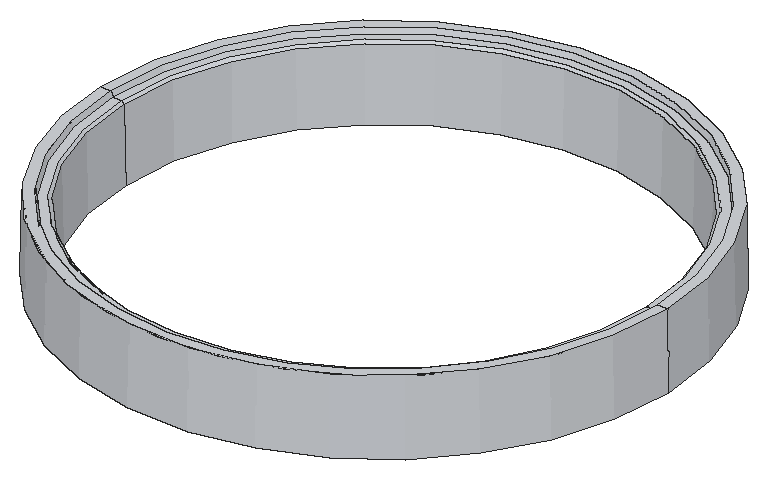
Revit family "Кольцо 2000х310 с замком КС 20.3", category Обобщенные модели, Revit 2023
Family settings
  Может служить основой для арматурных стержней = Нет
  Размер круглого соединителя = Использовать диаметр
  Тип детали = Нормальный
  На основе рабочей плоскости = Нет
  Всегда вертикально = Да
  При загрузке вырезать с полостями = Нет
  Сохранять ориентацию аннотаций = Нет
  Общий = Нет
  Точка принадлежности помещению = Нет
Parameters (values of type "Кольцо 2000х310 с замком КС 20.3")
  фаска = 10 mm
  толщ_на_h2_расч = (t1 - t2) / 2 * (h1 + h2) / ADSK_Размер_Высота + 10 mm  # 20.887 mm
  толщ_на_h1_расч = (t1 - t2) / 2 * h1 / ADSK_Размер_Высота + 10 mm  # 15.968 mm
  сужение_низ = 5 mm
  отступ_низ = 36 mm
  отступ_верх = 38.5 mm
  выступ = 20 mm
  вырез2 = no
  вырез1 = no
  Отметка по умолчанию = 0 mm
  t2 = 90 mm
  t1 = 100 mm
  h2 = 305 mm
  h1 = 370 mm
  d1 = 20 mm * tan(20.00°)  # 7.279 mm
  ADSK_Размер_Диаметр = 2020 mm
  ADSK_Размер_Высота = 310 mm
  ADSK_Масса = 460
Reference planes
  plane 1 "По центру (Вперед/Назад)": y = 0
  plane 2: z = 0
  plane 3 "По центру (Влево/Вправо)": x = 0
  plane 4: x = 1010
  plane 5: x = -1010
  plane 6: y = 1010
  plane 7: y = -1010
  plane 8: z = 290
  plane 9: z = 310
  plane 10: z = 20
  plane 11: x = -1105
  plane 12: x = 1105
  plane 13: y = 1105
  plane 14: y = -1105
  plane 15: y = 1100
  plane 16: y = -1100
  plane 17: x = -1100
  plane 18: x = 1100
  plane 19: x = 1046
  plane 20: x = 1061.5
  plane 21: x = 1054.221
  plane 22: x = 1053.279
  plane 23: z = 280
  plane 24: x = 1020
  plane 25: z = 370
  plane 26: z = 675
  plane 27: y = 1005
  plane 28: y = -1005
  plane 29: x = -1005
  plane 30: x = 1005
  plane 31: x = -1084.113
  plane 32: x = -1089.032
  plane 33: x = 1084.113
  plane 34: x = 1089.032
Forms (mm)
  Revolve 1, solid
    sketch origin (0, 0, 0) x (1, 0, 0) y (0, 0, 1)
      loop
        line (1010, 280) -> (1005, 0) -> (1046, 0) -> (1053.279, 20) -> (1105, 20) -> (1100, 310) -> (1061.5, 310) -> (1054.221, 290) -> (1020, 290) -> (1010, 280)
      axis (0, 0) -> (0, 310)
    angle from 0 to 360
Dimensions and locks
  equal spacing: plane 5, plane 3 "По центру (Влево/Вправо)", plane 4
  equal spacing: plane 7, plane 1 "По центру (Вперед/Назад)", plane 6
  "ADSK_Размер_Диаметр": plane 5 to plane 4
  "ADSK_Размер_Диаметр": plane 7 to plane 6
  "выступ": plane 9 to plane 8
  "выступ": plane 10 to level
  "t1": plane 11 to plane 29
  "t1": plane 30 to plane 12
  "t2": plane 6 to plane 15
  "t2": plane 16 to plane 7
  "t2": plane 17 to plane 5
  "t2": plane 4 to plane 18
  "отступ_низ": plane 19 to plane 4
  "отступ_верх": plane 18 to plane 20
  "d1": plane 20 to plane 21
  "d1": plane 22 to plane 19
  "фаска": plane 8 to plane 23
  "фаска": plane 24 to plane 4
  "h1": plane 25 to level
  "h2": plane 26 to plane 25
  "ADSK_Размер_Высота": plane 9 to level
  "сужение_низ": plane 5 to plane 29
  "сужение_низ": plane 30 to plane 4
  "сужение_низ": plane 27 to plane 6
  "сужение_низ": plane 7 to plane 28
  "t1": plane 14 to plane 28
  "t1": plane 27 to plane 13
  "толщ_на_h2_расч": plane 31 to plane 11
  "толщ_на_h1_расч": plane 32 to plane 11
  "толщ_на_h2_расч": plane 12 to plane 33
  "толщ_на_h1_расч": plane 12 to plane 34
  aligned and locked: level to plane 2
  aligned and locked: Revolve 1 sketch curve to plane 8
  aligned and locked: Revolve 1 sketch curve to plane 9
  aligned and locked: plane 10 to Revolve 1 sketch curve
  aligned and locked: Revolve 1 sketch curve to level
Automatic sketch dimensions
  Revolve 1 sketch curve to level = 0 mm
  Revolve 1 sketch curve to plane 3 "По центру (Влево/Вправо)" = 0 mm
  Revolve 1 sketch curve to plane 30 = 0 mm
  Revolve 1 sketch curve to plane 4 = 0 mm
  Revolve 1 sketch curve to plane 24 = 0 mm
  Revolve 1 sketch curve to plane 19 = 0 mm
  Revolve 1 sketch curve to plane 22 = 0 mm
  Revolve 1 sketch curve to plane 21 = 0 mm
  Revolve 1 sketch curve to plane 20 = 0 mm
  Revolve 1 sketch curve to plane 18 = 0 mm
  Revolve 1 sketch curve to plane 12 = 0 mm
  Revolve 1 sketch curve to plane 23 = 0 mm
  Revolve 1 sketch curve to plane 9 = 0 mm
